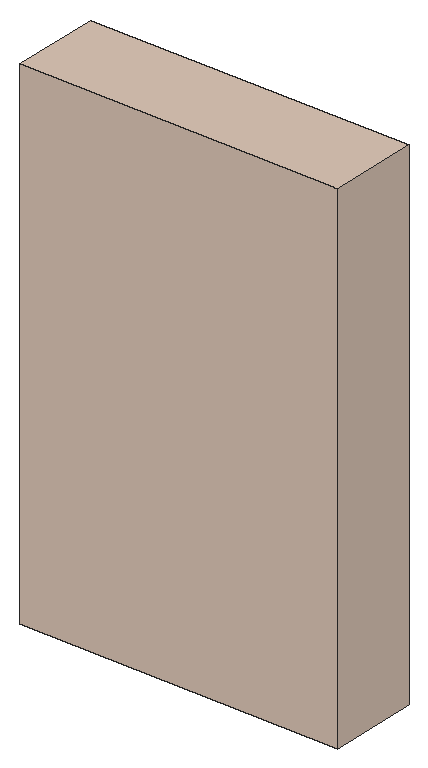
Revit family "Niche_NobleCompany_303", category Generic Models, host Wall, Revit 2014
Parameters (values of type "303  Wide Arch Combo")
  Width = 1' - 2 1/4"
  URL = "www.noblecompany.com"
  Tile Thickness [instance] = 0' - 0 1/4"
  Thickness = 0' - 1 1/8"
  Specification = ""
  Sales Information = "http://noblecompany.com/contact/"
  Revision = "R1_09-2016"
  Product Properties = "http://noblecompany.com/products/noble-niches"
  Product Data = "http://www.arcat.com/arcatcos/cos34/arc34489.html"
  Niche Material = Acrylic Polymer Finish
  Model = "303"
  Manufacturer Website = "www.noblecompany.com"
  Manufacturer Phone - Toll Free = "800-878-5788"
  Manufacturer Phone = "231-799-8000"
  Manufacturer Fax = "231-799-8850"
  Manufacturer Address = "P. O. Box 350, Grand Haven, MI 49417-0350"
  Manufacturer = "Noble Company"
  Keynote = "10 28 00"
  Installation-Fabrication = "http://noblecompany.com/storage/docs/resources/NN062016-13_Noble_Niche_Installation_Instruction.pdf"
  Instal Height [instance] = 5' - 0"
  Height = 1' - 10 1/2"
  Drawn By = "Sumex Design - Robert S Weygant"
  Description = "303 Wide Arch Combo Niche"
  Depth = 0' - 4"
  Copyright = "� 2016 ARCAT Inc."
  Construction Details = ""
  Assembly Code = "D2010700"
Reference planes (in)
  plane 1: y = 0
  plane 2 "Center (Left/Right)": x = 0
  plane 3 "Wall Edge": y = 3
  plane 4: x = -7.125
  plane 5: y = 2.75
  plane 6: y = -1.25
  plane 7: x = 7.125
  plane 8: z = 60
  plane 9: z = 37.5
  plane 10: x = -6
  plane 11: x = 6
  plane 12: y = -0.75
  plane 13: z = 38.75
  plane 14: z = 58.875
Forms (in)
  Extrusion 1, void
    sketch origin (0, 0, 0) x (1, 0, 0) y (0, 1, 0)
      loop
        line (-7.125, 2.75) -> (-7.125, -1.25) -> (7.125, -1.25) -> (7.125, 2.75) -> (-7.125, 2.75)
    from 37.5 to 60
  Extrusion 2, solid, material "Acrylic Polymer Finish" <- "Niche Material"
    sketch origin (0, 0, 0) x (1, 0, 0) y (0, 1, 0)
      loop
        line (-7.125, 2.75) -> (-7.125, -1.25) -> (7.125, -1.25) -> (7.125, 2.75) -> (-7.125, 2.75)
    from 37.5 to 60
  Extrusion 3, void
    sketch origin (0, 3, 0) x (1, 0, 0) y (0, 0, 1)
      loop
        line (6, 38.75) -> (6, 44.75) -> (-6, 44.75) -> (-6, 38.75) -> (6, 38.75)
      loop
        line (-6, 56.875) -> (-6, 46.875) -> (6, 46.875) -> (6, 56.875)
        arc (6, 56.875) -> (0, 58.875) -> (-6, 56.875) r 10
    from 0 to 3.75
Cuts and joins
  Extrusion 3 cuts Extrusion 2
Text (in)
  text "Placement Side" at (0, 40.15149, 123.01588), in view "Right"
  text "Placement Side" at (-105.78919, 39.84311, 0), in view "Ref. Level"
  text "Placement Side" at (0, 81.62555, 140.59947), in view "Left"
Dimensions and locks (in)
  host wall to plane 3 "Wall Edge" = 0' - 0"
  equal spacing: plane 4, plane 2 "Center (Left/Right)", plane 7
  "Width": plane 4 to plane 7
  "Depth": plane 5 to plane 6
  "Height": plane 9 to plane 8
  "Instal Height": level to plane 8
  locked: plane 12 to plane 6 at 0.5
  locked: plane 4 to plane 10 at 1.125
  locked: plane 11 to plane 7 at 1.125
  "Thickness": plane 14 to plane 8
  plane 9 to plane 13 = 0' - 1 1/4"
  host wall to plane 5 = 0' - 0 1/4"
  "Tile Thickness": plane 5 to plane 3 "Wall Edge"
  locked: plane 13 to Extrusion 3 sketch curve at 6
  locked: Extrusion 3 sketch curve to Extrusion 3 sketch curve at 2.125
  aligned and locked: Extrusion 1 sketch curve to plane 5
  aligned and locked: plane 4 to Extrusion 1 sketch curve
  aligned and locked: plane 6 to Extrusion 1 sketch curve
  aligned and locked: plane 7 to Extrusion 1 sketch curve
  aligned and locked: plane 8 to Extrusion 1
  aligned and locked: Extrusion 1 to plane 9
  aligned and locked: Extrusion 2 sketch curve to plane 5
  aligned and locked: plane 4 to Extrusion 2 sketch curve
  aligned and locked: plane 6 to Extrusion 2 sketch curve
  aligned and locked: plane 7 to Extrusion 2 sketch curve
  aligned and locked: plane 8 to Extrusion 2
  aligned and locked: Extrusion 2 to plane 9
  aligned and locked: plane 11 to Extrusion 3 sketch curve
  aligned and locked: plane 10 to Extrusion 3 sketch curve
  aligned and locked: Extrusion 3 to plane 12
  aligned and locked: Extrusion 3 sketch curve to plane 13
  aligned and locked: Extrusion 3 to plane 3 "Wall Edge"
  aligned and locked: plane 3 "Wall Edge" to host wall
  aligned and locked: Extrusion 3 sketch curve to plane 11
  aligned and locked: Extrusion 3 sketch curve to plane 10
Automatic sketch dimensions
  Extrusion 3 sketch curve to plane 2 "Center (Left/Right)" = 0' - 0"
  Extrusion 3 sketch curve to Extrusion 3 sketch curve = 0' - 2"
  Extrusion 3 sketch curve to plane 14 = 0' - 2"
